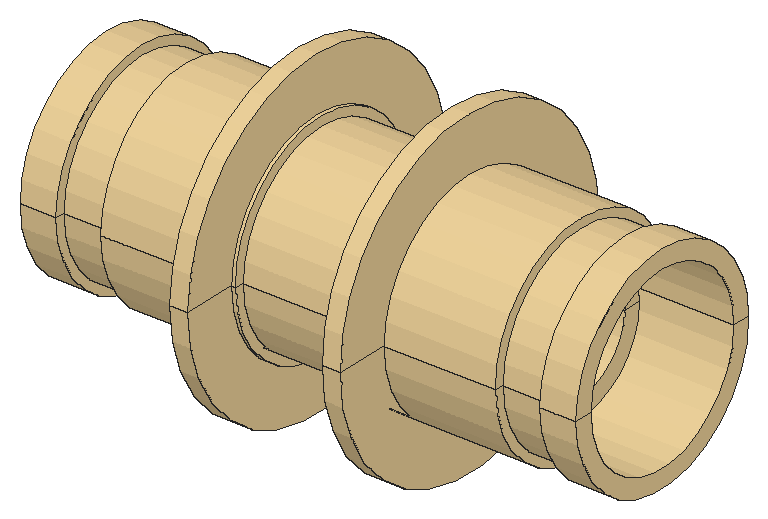
Revit family "ABC-PEX_Фитинг_T-образное подключение к отопительному прибору", category Соединительные детали трубопроводов, Revit 2019
Family settings
  Размер круглого соединителя = Использовать диаметр
  Тип детали = Отвод
  На основе рабочей плоскости = Нет
  Всегда вертикально = Да
  При загрузке вырезать с полостями = Нет
  Общий = Нет
Parameters
  Таблица выбора = "ABC-PEX_Фитинг_Т-образное подключение к отопительному прибору"  # constant formula
  Материал_Корпус = Латунь
  Угол1 [instance] = if(and(85.00° < Угол, Угол < 95.00°), 90.00°, 90.00°)  # 90.00°
  z = 19 mm
  l = 44 mm
  d [instance] = DN1 - 4 mm  # 12 mm
  c [instance] = size_lookup(Таблица выбора, "c", 30 mm, DN1)  # 95 mm
  b [instance] = size_lookup(Таблица выбора, "b", 30 mm, DN1)  # 252 mm
  R [instance] = DN1 / 2 + 2 mm  # 10 mm
  DN1 [instance] = 16 mm
  Угол [instance] = 90.00°
  a [instance] = size_lookup(Таблица выбора, "a", 30 mm, DN1)  # 282 mm
  URL = "http://aquatherm.ru/"
  ADSK_Примечание = ""
  ADSK_Наименование [instance] = size_lookup(Таблица выбора, "ADSK_Наименование", "Нет в каталоге", DN1)  # "Т-образное подключение к отопительному прибору DN16x250"
  ADSK_Масса [instance] = size_lookup(Таблица выбора, "ADSK_Масса", 0, DN1)  # 0
  ADSK_Марка [instance] = size_lookup(Таблица выбора, "ADSK_Марка", "Нет в каталоге", DN1)  # "ABC-L16250"
  ADSK_Завод-изготовитель = "Agpipe"  # constant formula
Reference planes
  plane 1 "По центру (Вперед/Назад)": y = 0
  plane 2: z = 0
  plane 3 "По центру (Влево/Вправо)": x = 0
  plane 4: y = -8
  plane 5: y = 8
  plane 6: x = -22
  plane 7: x = 22
  plane 8: x = 9.5
  plane 9: x = -9.5
  plane 10: z = -95
  plane 11: y = 282
Forms (mm)
  Revolve 1, solid, material "Латунь" <- "Материал_Корпус", detail levels fine
    sketch origin (0, 0, 0) x (0, 1, 0) y (-1, 0, 0)
      loop
        line (8, 22) -> (5.965, 22) -> (5.965, -22) -> (8, -22) -> (8, -9.5) -> (18, -9.5) -> (18, -7.5) -> (11, -7.5) -> (11, 7.5) -> (18, 7.5) -> (18, 9.5) -> (8, 9.5) -> (8, 22)
      axis (0, 22) -> (0, -22)
    angle from 0 to 360
  Sweep 2, solid, material "Латунь" <- "Материал_Корпус", not visible, detail levels fine
    path origin (0, 0, 0) x (0, 1, 0) y (0, 0, 1)
      loop
        line (282, -95) -> (44.658, -95)
        arc (44.658, -95) -> (32.835, -91.132) -> (25.586, -81.023) r 20
        line (25.586, -81.023) -> (0, 0)
    profile origin (0, 163.329, -95) x (0, 0, -1) y (1, 0, 0)
      loop
        circle (0, 0) r 8
      loop
        circle (0, 0) r 6
Lines and regions (mm)
  reference lines
    curve 1: line (9.5, 0, 0) -> (-9.5, 0, 0)
  symbolic lines, detail levels coarse+medium
    curve 2: line (0, 0, 0) -> (0, 282, 0)
  symbolic lines
    curve 3: line (-22, 0, 0) -> (22, 0, 0)
Dimensions and locks
  equal spacing: plane 4, plane 1 "По центру (Вперед/Назад)", plane 5
  locked: Revolve 1 sketch curve to plane 5 at 2.035
  locked: plane 5 to Revolve 1 sketch curve at 10
  "DN1": plane 5 to plane 4
  equal spacing: plane 6, plane 3 "По центру (Влево/Вправо)", plane 7
  "l": plane 6 to plane 7
  equal spacing: plane 9, plane 3 "По центру (Влево/Вправо)", plane 8
  "z": plane 9 to plane 8
  locked: Revolve 1 sketch curve to Revolve 1 sketch curve at 2
  locked: Revolve 1 sketch curve to Revolve 1 sketch curve at 7
  locked: Revolve 1 sketch curve to plane 8 at 2
  "c": plane 2 to plane 10
  "a": plane 1 "По центру (Вперед/Назад)" to plane 11
  "DN1": diameter of Sweep 2 sketch curve
  "d": diameter of Sweep 2 sketch curve
  aligned and locked: level to plane 2
  aligned and locked: curve 1 to plane 1 "По центру (Вперед/Назад)"
  aligned and locked: Revolve 1 sketch curve to plane 5  (x2)
  aligned and locked: nested 1 to plane 1 "По центру (Вперед/Назад)"
  aligned and locked: plane 6 to Revolve 1 sketch curve
  aligned and locked: plane 9 to Revolve 1 sketch curve
  aligned and locked: plane 7 to Revolve 1 sketch curve
  aligned and locked: Revolve 1 sketch curve to Revolve 1 sketch curve
  aligned and locked: nested 1 to plane 6
  aligned and locked: nested 2 to plane 7
  aligned and locked: plane 8 to curve 1
  aligned and locked: plane 9 to curve 1
  aligned and locked: curve 2 to Sweep 2
  aligned and locked: plane 11 to curve 2
  aligned and locked: plane 6 to curve 3
  aligned and locked: plane 7 to curve 3
Automatic sketch dimensions
  Sweep 2 sketch curve to level = 0 mm
  Sweep 2 sketch curve to plane 1 "По центру (Вперед/Назад)" = 0 mm
  Sweep 2 sketch curve to plane 10 = 0 mm
  Sweep 2 sketch curve to plane 11 = 0 mm
  Sweep 2 sketch curve to plane 1 "По центру (Вперед/Назад)" = 25.586 mm
  Sweep 2 sketch curve to Sweep 2 sketch curve = 19.072 mm
  plane 10 to Sweep 2 sketch curve = 13.977 mm
  plane 1 "По центру (Вперед/Назад)" to Revolve 1 sketch curve = 0 mm
  Revolve 1 sketch curve to plane 8 = 0 mm
  plane 7 to Revolve 1 sketch curve = 1946.761 mm
  Revolve 1 sketch curve to plane 6 = 1946.761 mm
  Sweep 2 sketch curve to Sweep 2 sketch curve = 0 mm  (x2)
  Sweep 2 sketch curve to plane 3 "По центру (Влево/Вправо)" = 0 mm
  Sweep 2 sketch curve to profile plane = 0 mm
  plane 1 "По центру (Вперед/Назад)" to curve 3 = 0 mm
Nested families
  nested 1: "ABC-PEX_Фитинг_Надвижная гильза" at (-19, 0, 0) x (-1, 0, 0) z (0, 0, 1), DN <- "DN1", type "ABC-PEX_Фитинг_Надвижная гильза", detail levels fine
    with b 24 mm, a 24 mm, DN 16 mm, ADSK_Наименование "Надвижная гильза DN16", ADSK_Масса 0.008, ADSK_Марка "ABC-F-116"
  nested 2: "ABC-PEX_Фитинг_Надвижная гильза" at (19, 0, 0), DN <- "DN1", type "ABC-PEX_Фитинг_Надвижная гильза", detail levels fine
    with b 24 mm, a 24 mm, DN 16 mm, ADSK_Наименование "Надвижная гильза DN16", ADSK_Масса 0.008, ADSK_Марка "ABC-F-116"
Connectors
  piping at (-9.5, 0, 0), diameter 16, driven by "DN1", driven by "Угол"
    settings: on curve 1, index 1, connector inside diameter 609.6 mm, connector length 0 mm, flow factor 0, pipe flow 0.0 L/s, pressure drop 0.0 Pa, fitting loss kfactor 0, connector angle 90.00°, fixture units 0, engagement length 0 mm, angle of deflection 0.00°, flow configuration 0, flow direction 0, fitting loss method 0, system type 28, joint type 0, gender type 0, connector reference index 2, connector utility 0, adjustable connector no, is connector primary yes, connector description ""
  piping at (9.5, 0, 0), diameter 16, driven by "DN1"
    settings: on curve 1, index 2, connector inside diameter 609.6 mm, connector length 0 mm, flow factor 0, pipe flow 0.0 L/s, pressure drop 0.0 Pa, fitting loss kfactor 0, connector angle 0.00°, fixture units 0, engagement length 0 mm, angle of deflection 0.00°, flow configuration 0, flow direction 0, fitting loss method 0, system type 28, joint type 0, gender type 0, connector reference index 1, connector utility 0, adjustable connector no, is connector primary no, connector description ""
  piping at (0, 282, -95), diameter 16, driven by "DN1"
    settings: on Sweep 2, index 3, connector inside diameter 609.6 mm, connector length 0 mm, flow factor 0, pipe flow 0.0 L/s, pressure drop 0.0 Pa, fitting loss kfactor 0, connector angle 0.00°, fixture units 0, engagement length 0 mm, angle of deflection 0.00°, flow configuration 0, flow direction 0, fitting loss method 0, system type 28, joint type 0, gender type 0, connector reference index -1, connector utility 0, adjustable connector no, is connector primary no, connector description ""
Definition of nested family "ABC-PEX_Фитинг_Надвижная гильза"
  Parameters (values of type "ABC-PEX_Фитинг_Надвижная гильза")
    Таблица выбора = "ABC-PEX_Фитинг_Надвижная гильза"  # constant formula
    Маткриал_Корпус = none
    b [instance] = size_lookup(Таблица выбора, "b", 30 mm, DN)  # 24 mm
    a [instance] = size_lookup(Таблица выбора, "a", 30 mm, DN)  # 24 mm
    DN [instance] = 16 mm
    ADSK_Примечание = ""
    ADSK_Наименование [instance] = size_lookup(Таблица выбора, "ADSK_Наименование", "Нет в каталоге", DN)  # "Надвижная гильза DN16"
    ADSK_Масса [instance] = size_lookup(Таблица выбора, "ADSK_Масса", 0, DN)  # 0.008
    ADSK_Марка [instance] = size_lookup(Таблица выбора, "ADSK_Марка", "Нет в каталоге", DN)  # "ABC-F-116"
    ADSK_Завод-изготовитель = "Agpipe"  # constant formula
  Reference planes
    plane 1 "По центру (Вперед/Назад)": y = 0
    plane 2: z = 0
    plane 3 "По центру (Влево/Вправо)": x = 0
    plane 4: y = 12
    plane 5: y = -12
    plane 6: x = -12
    plane 7: x = 12
    plane 8: y = 8
    plane 9: y = -8
  Forms (mm)
    Revolve 1, solid, material <- "Маткриал_Корпус"
      sketch origin (0, 0, 0) x (1, 0, 0) y (0, 1, 0)
        loop
          line (-12, 12) -> (-12, 10) -> (12, 10) -> (12, 12) -> (8, 12) -> (8, 11) -> (3, 11) -> (3, 12) -> (-12, 12)
        axis (-12, 0) -> (12, 0)
      angle from 0 to 360
  Lines and regions (mm)
    reference lines
      curve 1: line (-12, 0, 0) -> (12, 0, 0)
  Dimensions and locks
    equal spacing: plane 4, plane 1 "По центру (Вперед/Назад)", plane 5
    "b": plane 4 to plane 5
    equal spacing: plane 6, plane 3 "По центру (Влево/Вправо)", plane 7
    "a": plane 6 to plane 7
    plane 4 to Revolve 1 sketch curve = 2 mm
    equal spacing: plane 9, plane 1 "По центру (Вперед/Назад)", plane 8
    "DN": plane 9 to plane 8
    Revolve 1 sketch curve to Revolve 1 sketch curve to plane 7 = 5 mm locked, 4 mm locked
    Revolve 1 sketch curve to Revolve 1 sketch curve to plane 4 = 1 mm locked, 1 mm locked
    aligned and locked: level to plane 2
    aligned and locked: plane 1 "По центру (Вперед/Назад)" to Revolve 1 sketch curve
    aligned and locked: plane 4 to Revolve 1 sketch curve
    aligned and locked: Revolve 1 sketch curve to plane 4
    aligned and locked: plane 6 to Revolve 1 sketch curve
    aligned and locked: plane 7 to Revolve 1 sketch curve
    aligned and locked: plane 7 to curve 1
    aligned and locked: plane 6 to curve 1
  Automatic sketch dimensions
    plane 1 "По центру (Вперед/Назад)" to curve 1 = 0 mm
    plane 6 to Revolve 1 sketch curve = 5 mm
    Revolve 1 sketch curve to plane 7 = 4 mm
  Connectors
    piping at (-12, 0, 0), diameter 16, driven by "DN"
      settings: on curve 1, index 1, connector inside diameter 609.6 mm, connector length 0 mm, flow factor 0, pipe flow 0.0 L/s, pressure drop 0.0 Pa, fitting loss kfactor 0, connector angle 0.00°, fixture units 0, engagement length 0 mm, angle of deflection 0.00°, flow configuration 0, flow direction 0, fitting loss method 0, system type 28, joint type 0, gender type 0, connector reference index 2, connector utility 0, adjustable connector no, is connector primary yes, connector description ""
    piping at (12, 0, 0), diameter 16, driven by "DN"
      settings: on curve 1, index 2, connector inside diameter 609.6 mm, connector length 0 mm, flow factor 0, pipe flow 0.0 L/s, pressure drop 0.0 Pa, fitting loss kfactor 0, connector angle 0.00°, fixture units 0, engagement length 0 mm, angle of deflection 0.00°, flow configuration 0, flow direction 0, fitting loss method 0, system type 28, joint type 0, gender type 0, connector reference index 1, connector utility 0, adjustable connector no, is connector primary no, connector description ""
